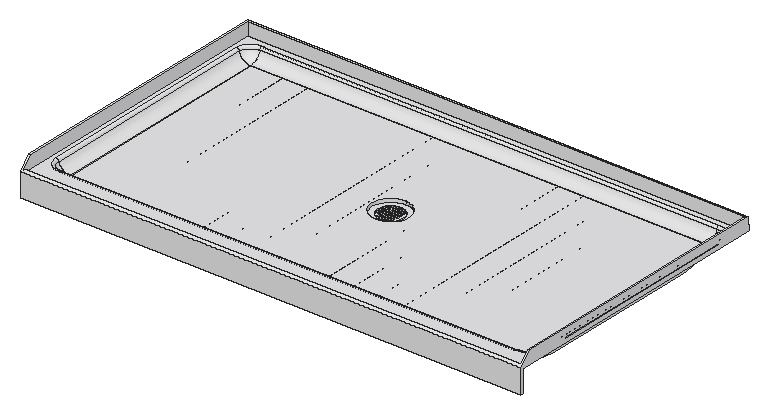
Revit family "Shower-Receptor-Sterling-Guard-72331100", category Plumbing Fixtures, host Face, Revit 2015
Parameters (values of type "0-White")
  Width = 34"  # constant formula
  Waste Connection = yes
  URL = "https://www.sterlingplumbing.com"
  Type = 1
  Product Page URL = "http://www.sterlingplumbing.com/detail?productNumber=72331100"
  Product Name = "GUARD+"  # constant formula
  Product Documentation Link = "https://resources.kohler.com/plumbing/sterling/pdf/72331100_spec.pdf"
  Pressure = 0.00 psi
  Outlet Connection = "Outlet Connection"  # constant formula
  Model = if(Type = 1, "72331100-0-White", if(Type = 2, "72331100-96-Biscuit", "0"))  # "72331100-0-White"
  Material = "Vikrell® material."  # constant formula
  MasterFormat 2004 = "22.41.23"  # constant formula
  MasterFormat 1995 = "15410"  # constant formula
  Manufacturer Address = "444 Highland Drive, Kohler, WI 53044"  # constant formula
  Manufacturer = "Sterling"  # constant formula
  Length = 60"  # constant formula
  Inlet Connection = "Inlet Connection"  # constant formula
  Height = 4 3/16"  # constant formula
  Flow Rate = 0 GPM
  Finish = China - Kohler - 0 - White
  Description = "GUARD+™60 inch Shower Base\r"  # constant formula
  Default Elevation = 0"
  Date Modified = "09/18/2017"  # constant formula
  Date Created = "08/30/2017"  # constant formula
  Copyright = "Copyright by Kohler Co."  # constant formula
  Contact Us = "https://www.sterlingplumbing.com/contact-us"
  Assembly Code = "C1030200"
  ADA Compliant = no
Reference planes (in)
  plane 1 "Center (Front/Back)": y = 0
  plane 2: z = 0
  plane 3 "Center (Left/Right)": x = 0
  plane 4: z = 4.1875
  plane 5: y = 17.87559
  plane 6: y = -16.12441
  plane 7: x = -30
  plane 8: x = 30
Dimensions and locks (in)
  "Height": plane 4 to plane 2
  "Width": plane 6 to plane 5
  "Length": plane 7 to plane 8
  aligned and locked: plane 2 to host face
  aligned and locked: level to host face
Automatic sketch dimensions
  host sketch curve to host sketch curve = 96"  (x2)
Nested families (in)
  nested 1: "K-72331100" at (0, 0.87772, 2.87982) x (0, 1, 0) z (0, 0, 1), type "K-72331100"
Connectors (in)
  piping at (0.0625, 1.75272, 0.84875), diameter 3.3125, driven by "Waste Connection", driven by "Outlet Connection"
    settings: on nested 1, index 1, connector inside diameter 24", connector length 0", flow factor 0, pipe flow 0 GPM, pressure drop 0.00 psi, fitting loss kfactor 0, connector angle 0.00°, fixture units 0, engagement length 0", angle of deflection 0.00°, flow configuration 0, flow direction 2, fitting loss method 0, system type 16, joint type 0, gender type 0, connector reference index -1, connector utility 1, adjustable connector no, is connector primary yes, connector description "Outlet Connection"
Definition of nested family "K-72331100"
  Parameters (values of type "K-72331100")
    Finish = none
  Reference planes (in)
    plane 1 "Center (Front/Back)": y = 0
    plane 2: z = 0
    plane 3 "Center (Left/Right)": x = 0
    plane 4 "A": z = -1.83027
    plane 5 "Top": z = -1.49242
    plane 6: z = -1.97528
    plane 7: y = 30
    plane 8: y = -30
    plane 9: x = 17
    plane 10: x = -17
    plane 11: z = -2.87982
  Forms (in)
    Sweep 1, solid, material <- "Finish"
      path origin (0.75, 0, -1.83027) x (0, 1, 0) y (-1, 0, 0)
        loop
          line (-28.7299, 13.46345) -> (-28.7299, -13.53905)
          arc (-28.7299, -13.53905) -> (-28.3139, -14.54336) -> (-27.30958, -14.95936) r 1.42031
          line (-27.30958, -14.95936) -> (27.44446, -14.95936)
          arc (27.44446, -14.95936) -> (28.44877, -14.54336) -> (28.86477, -13.53905) r 1.42031
          line (28.86477, -13.53905) -> (28.86477, 13.46345)
          arc (28.86477, 13.46345) -> (28.44877, 14.46776) -> (27.44446, 14.88376) r 1.42031
          line (27.44446, 14.88376) -> (-27.30958, 14.88376)
          arc (-27.30958, 14.88376) -> (-28.3139, 14.46776) -> (-28.7299, 13.46345) r 1.42031
      profile origin (0.7878, -28.7299, -1.83027) x (0, 1, 0) y (0, 0, 1)
        loop
          arc (0, 1.39102) -> (-0.11859, 1.56701) -> (-0.3186, 1.63795) r 0.33887
          line (-0.3186, 1.63795) -> (-0.3186, 1.55616)
          arc (-0.3186, 1.55616) -> (-0.169, 1.46986) -> (-0.08137, 1.32103) r 0.33887
          arc (-0.08137, 1.32103) -> (0.49432, 0.54576) -> (1.39824, 0.20607) r 1.70969
          line (1.39824, 0.20607) -> (1.39824, 0.33785)
          arc (1.39824, 0.33785) -> (0.52147, 0.62858) -> (0, 1.39102) r 1.44483
    SweptBlend 2, solid, material <- "Finish"
      path origin (0, 0, 0) x (0, 1, 0) y (0, 0, 1)
        loop
          line (0, -1.83027) -> (0, -1.49242)
      profile origin (0, 0, -1.83027) x (0, -1, 0) y (1, 0, 0)
        loop
          circle (0.0625, 0.875) r 2.25
      end profile origin (0, 0, -1.49242) x (0, -1, 0) y (1, 0, 0)
        loop
          line (-27.46653, -12.73552) -> (27.33166, -12.73552) -> (27.33166, 14.31112) -> (-27.46653, 14.31112) -> (-27.46653, -12.73552)
    Extrusion 3, solid, material <- "Finish"
      sketch origin (0.75, 0, -1.83027) x (0, 1, 0) y (-1, 0, 0)
        loop
          line (30, 17.75272) -> (-30, 17.75272) -> (-30, -16.25) -> (30, -16.25) -> (30, 17.75272)
        loop
          line (27.44446, 15.20236) -> (-27.30958, 15.20236)
          arc (-27.30958, 15.20236) -> (-28.53918, 14.69304) -> (-29.04849, 13.46345) r 1.73891
          line (-29.04849, 13.46345) -> (-29.04849, -13.53905)
          arc (-29.04849, -13.53905) -> (-28.53918, -14.76865) -> (-27.30958, -15.27796) r 1.73891
          line (-27.30958, -15.27796) -> (27.44446, -15.27796)
          arc (27.44446, -15.27796) -> (28.67406, -14.76865) -> (29.18337, -13.53905) r 1.73891
          line (29.18337, -13.53905) -> (29.18337, 13.46345)
          arc (29.18337, 13.46345) -> (28.67406, 14.69304) -> (27.44446, 15.20236) r 1.73891
      from 1.55616 to 1.63795
    Sweep 4, solid, material <- "Finish"
      path origin (0, 0, 0) x (1, 0, 0) y (0, 1, 0)
        loop
          line (-17.00272, 30) -> (17, 30) -> (17, -30) -> (-17.00272, -30)
      profile origin (-0.00136, 30, 0) x (0, 1, 0) y (0, 0, 1)
        loop
          line (0, -0.19232) -> (0, 1.30768) -> (-0.25, 1.30768) -> (-0.25, -0.19232) -> (0, -0.19232)
    Extrusion 5, void
      sketch origin (17, -30, 1.30768) x (1, 0, 0) y (0, 0, -1)
        loop
          line (-34.00272, 1.30768) -> (-34.00272, 0) -> (-32.69504, 0) -> (-34.00272, 1.30768)
      from 0 to 64.58196
    Extrusion 6, solid, material <- "Finish"
      sketch origin (0.25, 0, 0) x (1, 0, 0) y (0, 1, 0)
        loop
          line (-17.00272, 30) -> (-17.25272, 30) -> (-17.25272, -30) -> (-17.00272, -30) -> (-17.00272, 30)
      from -2.87982 to 0.24845
    Extrusion 7, void
      sketch origin (0, 0, -1.83027) x (0, 1, 0) y (-1, 0, 0)
        loop
          circle (-0.0625, -0.875) r 2.25
      from -2.95681 to 2.7011
    Extrusion 8, solid, material <- "Finish"
      sketch origin (0, 0, 0) x (1, 0, 0) y (0, 1, 0)
        loop
          circle (0.875, -0.0625) r 2.25
        loop
          circle (0.875, -0.0625) r 1.5
      from -2.03106 to -1.83027
    Extrusion 9, solid, material <- "Finish"
      sketch origin (0, 0, 0) x (1, 0, 0) y (0, 1, 0)
        loop
          circle (0.875, -0.0625) r 1.5
      from -2.14368 to -1.83027
    Extrusion 10, void
      sketch origin (0.24945, 0.52768, -1.83027) x (0, 1, 0) y (-1, 0, 0)
        loop
          line (0.66857, -0.2545) -> (0.66857, 0.0455)
          arc (0.66857, 0.0455) -> (0.65393, 0.08086) -> (0.61857, 0.0955) r 0.05
          line (0.61857, 0.0955) -> (0.31232, 0.0955)
          arc (0.31232, 0.0955) -> (0.27697, 0.08086) -> (0.26232, 0.0455) r 0.05
          line (0.26232, 0.0455) -> (0.26232, -0.2545)
          arc (0.26232, -0.2545) -> (0.27697, -0.28986) -> (0.31232, -0.3045) r 0.05
          line (0.31232, -0.3045) -> (0.61857, -0.3045)
          arc (0.61857, -0.3045) -> (0.65393, -0.28986) -> (0.66857, -0.2545) r 0.05
      from -0.77622 to 0.8761
    Extrusion 11, void
      sketch origin (0.77247, 0.52768, -1.83027) x (0, 1, 0) y (-1, 0, 0)
        loop
          line (0.66857, -0.2545) -> (0.66857, 0.0455)
          arc (0.66857, 0.0455) -> (0.65393, 0.08086) -> (0.61857, 0.0955) r 0.05
          line (0.61857, 0.0955) -> (0.31232, 0.0955)
          arc (0.31232, 0.0955) -> (0.27697, 0.08086) -> (0.26232, 0.0455) r 0.05
          line (0.26232, 0.0455) -> (0.26232, -0.2545)
          arc (0.26232, -0.2545) -> (0.27697, -0.28986) -> (0.31232, -0.3045) r 0.05
          line (0.31232, -0.3045) -> (0.61857, -0.3045)
          arc (0.61857, -0.3045) -> (0.65393, -0.28986) -> (0.66857, -0.2545) r 0.05
      from -0.77622 to 0.8761
    Extrusion 12, void
      sketch origin (1.30112, 0.53248, -1.83027) x (0, 1, 0) y (-1, 0, 0)
        loop
          line (0.66857, -0.2545) -> (0.66857, 0.0455)
          arc (0.66857, 0.0455) -> (0.65393, 0.08086) -> (0.61857, 0.0955) r 0.05
          line (0.61857, 0.0955) -> (0.31232, 0.0955)
          arc (0.31232, 0.0955) -> (0.27697, 0.08086) -> (0.26232, 0.0455) r 0.05
          line (0.26232, 0.0455) -> (0.26232, -0.2545)
          arc (0.26232, -0.2545) -> (0.27697, -0.28986) -> (0.31232, -0.3045) r 0.05
          line (0.31232, -0.3045) -> (0.61857, -0.3045)
          arc (0.61857, -0.3045) -> (0.65393, -0.28986) -> (0.66857, -0.2545) r 0.05
      from -0.77622 to 0.8761
    Extrusion 13, void
      sketch origin (-0.25055, 0.02632, -1.83027) x (0, 1, 0) y (-1, 0, 0)
        loop
          line (0.66857, -0.2545) -> (0.66857, 0.0455)
          arc (0.66857, 0.0455) -> (0.65393, 0.08086) -> (0.61857, 0.0955) r 0.05
          line (0.61857, 0.0955) -> (0.31232, 0.0955)
          arc (0.31232, 0.0955) -> (0.27697, 0.08086) -> (0.26232, 0.0455) r 0.05
          line (0.26232, 0.0455) -> (0.26232, -0.2545)
          arc (0.26232, -0.2545) -> (0.27697, -0.28986) -> (0.31232, -0.3045) r 0.05
          line (0.31232, -0.3045) -> (0.61857, -0.3045)
          arc (0.61857, -0.3045) -> (0.65393, -0.28986) -> (0.66857, -0.2545) r 0.05
      from -0.77622 to 0.8761
    Extrusion 14, void
      sketch origin (0.24945, 0.03111, -1.83027) x (0, 1, 0) y (-1, 0, 0)
        loop
          line (0.66857, -0.2545) -> (0.66857, 0.0455)
          arc (0.66857, 0.0455) -> (0.65393, 0.08086) -> (0.61857, 0.0955) r 0.05
          line (0.61857, 0.0955) -> (0.31232, 0.0955)
          arc (0.31232, 0.0955) -> (0.27697, 0.08086) -> (0.26232, 0.0455) r 0.05
          line (0.26232, 0.0455) -> (0.26232, -0.2545)
          arc (0.26232, -0.2545) -> (0.27697, -0.28986) -> (0.31232, -0.3045) r 0.05
          line (0.31232, -0.3045) -> (0.61857, -0.3045)
          arc (0.61857, -0.3045) -> (0.65393, -0.28986) -> (0.66857, -0.2545) r 0.05
      from -0.77622 to 0.8761
    Extrusion 15, void
      sketch origin (0.77247, 0.03111, -1.83027) x (0, 1, 0) y (-1, 0, 0)
        loop
          line (0.66857, -0.2545) -> (0.66857, 0.0455)
          arc (0.66857, 0.0455) -> (0.65393, 0.08086) -> (0.61857, 0.0955) r 0.05
          line (0.61857, 0.0955) -> (0.31232, 0.0955)
          arc (0.31232, 0.0955) -> (0.27697, 0.08086) -> (0.26232, 0.0455) r 0.05
          line (0.26232, 0.0455) -> (0.26232, -0.2545)
          arc (0.26232, -0.2545) -> (0.27697, -0.28986) -> (0.31232, -0.3045) r 0.05
          line (0.31232, -0.3045) -> (0.61857, -0.3045)
          arc (0.61857, -0.3045) -> (0.65393, -0.28986) -> (0.66857, -0.2545) r 0.05
      from -0.77622 to 0.8761
    Extrusion 16, void
      sketch origin (1.30112, 0.03591, -1.83027) x (0, 1, 0) y (-1, 0, 0)
        loop
          line (0.66857, -0.2545) -> (0.66857, 0.0455)
          arc (0.66857, 0.0455) -> (0.65393, 0.08086) -> (0.61857, 0.0955) r 0.05
          line (0.61857, 0.0955) -> (0.31232, 0.0955)
          arc (0.31232, 0.0955) -> (0.27697, 0.08086) -> (0.26232, 0.0455) r 0.05
          line (0.26232, 0.0455) -> (0.26232, -0.2545)
          arc (0.26232, -0.2545) -> (0.27697, -0.28986) -> (0.31232, -0.3045) r 0.05
          line (0.31232, -0.3045) -> (0.61857, -0.3045)
          arc (0.61857, -0.3045) -> (0.65393, -0.28986) -> (0.66857, -0.2545) r 0.05
      from -0.77622 to 0.8761
    Extrusion 17, void
      sketch origin (1.81221, 0.02632, -1.83027) x (0, 1, 0) y (-1, 0, 0)
        loop
          line (0.66857, -0.2545) -> (0.66857, 0.0455)
          arc (0.66857, 0.0455) -> (0.65393, 0.08086) -> (0.61857, 0.0955) r 0.05
          line (0.61857, 0.0955) -> (0.31232, 0.0955)
          arc (0.31232, 0.0955) -> (0.27697, 0.08086) -> (0.26232, 0.0455) r 0.05
          line (0.26232, 0.0455) -> (0.26232, -0.2545)
          arc (0.26232, -0.2545) -> (0.27697, -0.28986) -> (0.31232, -0.3045) r 0.05
          line (0.31232, -0.3045) -> (0.61857, -0.3045)
          arc (0.61857, -0.3045) -> (0.65393, -0.28986) -> (0.66857, -0.2545) r 0.05
      from -0.77622 to 0.8761
    Extrusion 18, void
      sketch origin (-0.47122, -0.47012, -1.83027) x (0, 1, 0) y (-1, 0, 0)
        loop
          line (0.66857, -0.2545) -> (0.66857, 0.0455)
          arc (0.66857, 0.0455) -> (0.65393, 0.08086) -> (0.61857, 0.0955) r 0.05
          line (0.61857, 0.0955) -> (0.31232, 0.0955)
          arc (0.31232, 0.0955) -> (0.27697, 0.08086) -> (0.26232, 0.0455) r 0.05
          line (0.26232, 0.0455) -> (0.26232, -0.2545)
          arc (0.26232, -0.2545) -> (0.27697, -0.28986) -> (0.31232, -0.3045) r 0.05
          line (0.31232, -0.3045) -> (0.61857, -0.3045)
          arc (0.61857, -0.3045) -> (0.65393, -0.28986) -> (0.66857, -0.2545) r 0.05
      from -0.77622 to 0.8761
    Extrusion 19, void
      sketch origin (0.02878, -0.46532, -1.83027) x (0, 1, 0) y (-1, 0, 0)
        loop
          line (0.66857, -0.2545) -> (0.66857, 0.0455)
          arc (0.66857, 0.0455) -> (0.65393, 0.08086) -> (0.61857, 0.0955) r 0.05
          line (0.61857, 0.0955) -> (0.31232, 0.0955)
          arc (0.31232, 0.0955) -> (0.27697, 0.08086) -> (0.26232, 0.0455) r 0.05
          line (0.26232, 0.0455) -> (0.26232, -0.2545)
          arc (0.26232, -0.2545) -> (0.27697, -0.28986) -> (0.31232, -0.3045) r 0.05
          line (0.31232, -0.3045) -> (0.61857, -0.3045)
          arc (0.61857, -0.3045) -> (0.65393, -0.28986) -> (0.66857, -0.2545) r 0.05
      from -0.77622 to 0.8761
    Extrusion 20, void
      sketch origin (0.52893, -0.46741, -1.83027) x (0, 1, 0) y (-1, 0, 0)
        loop
          line (0.66857, -0.2545) -> (0.66857, 0.0455)
          arc (0.66857, 0.0455) -> (0.65393, 0.08086) -> (0.61857, 0.0955) r 0.05
          line (0.61857, 0.0955) -> (0.31232, 0.0955)
          arc (0.31232, 0.0955) -> (0.27697, 0.08086) -> (0.26232, 0.0455) r 0.05
          line (0.26232, 0.0455) -> (0.26232, -0.2545)
          arc (0.26232, -0.2545) -> (0.27697, -0.28986) -> (0.31232, -0.3045) r 0.05
          line (0.31232, -0.3045) -> (0.61857, -0.3045)
          arc (0.61857, -0.3045) -> (0.65393, -0.28986) -> (0.66857, -0.2545) r 0.05
      from -0.77622 to 0.8761
    Extrusion 21, void
      sketch origin (1.05196, -0.46741, -1.83027) x (0, 1, 0) y (-1, 0, 0)
        loop
          line (0.66857, -0.2545) -> (0.66857, 0.0455)
          arc (0.66857, 0.0455) -> (0.65393, 0.08086) -> (0.61857, 0.0955) r 0.05
          line (0.61857, 0.0955) -> (0.31232, 0.0955)
          arc (0.31232, 0.0955) -> (0.27697, 0.08086) -> (0.26232, 0.0455) r 0.05
          line (0.26232, 0.0455) -> (0.26232, -0.2545)
          arc (0.26232, -0.2545) -> (0.27697, -0.28986) -> (0.31232, -0.3045) r 0.05
          line (0.31232, -0.3045) -> (0.61857, -0.3045)
          arc (0.61857, -0.3045) -> (0.65393, -0.28986) -> (0.66857, -0.2545) r 0.05
      from -0.77622 to 0.8761
    Extrusion 22, void
      sketch origin (1.53373, -0.46261, -1.83027) x (0, 1, 0) y (-1, 0, 0)
        loop
          line (0.66857, -0.2545) -> (0.66857, 0.0455)
          arc (0.66857, 0.0455) -> (0.65393, 0.08086) -> (0.61857, 0.0955) r 0.05
          line (0.61857, 0.0955) -> (0.31232, 0.0955)
          arc (0.31232, 0.0955) -> (0.27697, 0.08086) -> (0.26232, 0.0455) r 0.05
          line (0.26232, 0.0455) -> (0.26232, -0.2545)
          arc (0.26232, -0.2545) -> (0.27697, -0.28986) -> (0.31232, -0.3045) r 0.05
          line (0.31232, -0.3045) -> (0.61857, -0.3045)
          arc (0.61857, -0.3045) -> (0.65393, -0.28986) -> (0.66857, -0.2545) r 0.05
      from -0.77622 to 0.8761
    Extrusion 23, void
      sketch origin (2.03329, -0.46075, -1.83027) x (0, 1, 0) y (-1, 0, 0)
        loop
          line (0.66857, -0.2545) -> (0.66857, 0.0455)
          arc (0.66857, 0.0455) -> (0.65393, 0.08086) -> (0.61857, 0.0955) r 0.05
          line (0.61857, 0.0955) -> (0.31232, 0.0955)
          arc (0.31232, 0.0955) -> (0.27697, 0.08086) -> (0.26232, 0.0455) r 0.05
          line (0.26232, 0.0455) -> (0.26232, -0.2545)
          arc (0.26232, -0.2545) -> (0.27697, -0.28986) -> (0.31232, -0.3045) r 0.05
          line (0.31232, -0.3045) -> (0.61857, -0.3045)
          arc (0.61857, -0.3045) -> (0.65393, -0.28986) -> (0.66857, -0.2545) r 0.05
      from -0.77622 to 0.8761
    Extrusion 24, void
      sketch origin (-0.25055, -0.98574, -1.83027) x (0, 1, 0) y (-1, 0, 0)
        loop
          line (0.66857, -0.2545) -> (0.66857, 0.0455)
          arc (0.66857, 0.0455) -> (0.65393, 0.08086) -> (0.61857, 0.0955) r 0.05
          line (0.61857, 0.0955) -> (0.31232, 0.0955)
          arc (0.31232, 0.0955) -> (0.27697, 0.08086) -> (0.26232, 0.0455) r 0.05
          line (0.26232, 0.0455) -> (0.26232, -0.2545)
          arc (0.26232, -0.2545) -> (0.27697, -0.28986) -> (0.31232, -0.3045) r 0.05
          line (0.31232, -0.3045) -> (0.61857, -0.3045)
          arc (0.61857, -0.3045) -> (0.65393, -0.28986) -> (0.66857, -0.2545) r 0.05
      from -0.77622 to 0.8761
    Extrusion 25, void
      sketch origin (0.24945, -0.98094, -1.83027) x (0, 1, 0) y (-1, 0, 0)
        loop
          line (0.66857, -0.2545) -> (0.66857, 0.0455)
          arc (0.66857, 0.0455) -> (0.65393, 0.08086) -> (0.61857, 0.0955) r 0.05
          line (0.61857, 0.0955) -> (0.31232, 0.0955)
          arc (0.31232, 0.0955) -> (0.27697, 0.08086) -> (0.26232, 0.0455) r 0.05
          line (0.26232, 0.0455) -> (0.26232, -0.2545)
          arc (0.26232, -0.2545) -> (0.27697, -0.28986) -> (0.31232, -0.3045) r 0.05
          line (0.31232, -0.3045) -> (0.61857, -0.3045)
          arc (0.61857, -0.3045) -> (0.65393, -0.28986) -> (0.66857, -0.2545) r 0.05
      from -0.77622 to 0.8761
    Extrusion 26, void
      sketch origin (0.77247, -0.98094, -1.83027) x (0, 1, 0) y (-1, 0, 0)
        loop
          line (0.66857, -0.2545) -> (0.66857, 0.0455)
          arc (0.66857, 0.0455) -> (0.65393, 0.08086) -> (0.61857, 0.0955) r 0.05
          line (0.61857, 0.0955) -> (0.31232, 0.0955)
          arc (0.31232, 0.0955) -> (0.27697, 0.08086) -> (0.26232, 0.0455) r 0.05
          line (0.26232, 0.0455) -> (0.26232, -0.2545)
          arc (0.26232, -0.2545) -> (0.27697, -0.28986) -> (0.31232, -0.3045) r 0.05
          line (0.31232, -0.3045) -> (0.61857, -0.3045)
          arc (0.61857, -0.3045) -> (0.65393, -0.28986) -> (0.66857, -0.2545) r 0.05
      from -0.77622 to 0.8761
    Extrusion 27, void
      sketch origin (1.30112, -0.97614, -1.83027) x (0, 1, 0) y (-1, 0, 0)
        loop
          line (0.66857, -0.2545) -> (0.66857, 0.0455)
          arc (0.66857, 0.0455) -> (0.65393, 0.08086) -> (0.61857, 0.0955) r 0.05
          line (0.61857, 0.0955) -> (0.31232, 0.0955)
          arc (0.31232, 0.0955) -> (0.27697, 0.08086) -> (0.26232, 0.0455) r 0.05
          line (0.26232, 0.0455) -> (0.26232, -0.2545)
          arc (0.26232, -0.2545) -> (0.27697, -0.28986) -> (0.31232, -0.3045) r 0.05
          line (0.31232, -0.3045) -> (0.61857, -0.3045)
          arc (0.61857, -0.3045) -> (0.65393, -0.28986) -> (0.66857, -0.2545) r 0.05
      from -0.77622 to 0.8761
    Extrusion 28, void
      sketch origin (1.81221, -0.98574, -1.83027) x (0, 1, 0) y (-1, 0, 0)
        loop
          line (0.66857, -0.2545) -> (0.66857, 0.0455)
          arc (0.66857, 0.0455) -> (0.65393, 0.08086) -> (0.61857, 0.0955) r 0.05
          line (0.61857, 0.0955) -> (0.31232, 0.0955)
          arc (0.31232, 0.0955) -> (0.27697, 0.08086) -> (0.26232, 0.0455) r 0.05
          line (0.26232, 0.0455) -> (0.26232, -0.2545)
          arc (0.26232, -0.2545) -> (0.27697, -0.28986) -> (0.31232, -0.3045) r 0.05
          line (0.31232, -0.3045) -> (0.61857, -0.3045)
          arc (0.61857, -0.3045) -> (0.65393, -0.28986) -> (0.66857, -0.2545) r 0.05
      from -0.77622 to 0.8761
    Extrusion 29, void
      sketch origin (0.01598, -1.45043, -1.83027) x (0, 1, 0) y (-1, 0, 0)
        loop
          line (0.66857, -0.2545) -> (0.66857, 0.0455)
          arc (0.66857, 0.0455) -> (0.65393, 0.08086) -> (0.61857, 0.0955) r 0.05
          line (0.61857, 0.0955) -> (0.31232, 0.0955)
          arc (0.31232, 0.0955) -> (0.27697, 0.08086) -> (0.26232, 0.0455) r 0.05
          line (0.26232, 0.0455) -> (0.26232, -0.2545)
          arc (0.26232, -0.2545) -> (0.27697, -0.28986) -> (0.31232, -0.3045) r 0.05
          line (0.31232, -0.3045) -> (0.61857, -0.3045)
          arc (0.61857, -0.3045) -> (0.65393, -0.28986) -> (0.66857, -0.2545) r 0.05
      from -0.77622 to 0.8761
    Extrusion 30, void
      sketch origin (0.56449, -1.45043, -1.83027) x (0, 1, 0) y (-1, 0, 0)
        loop
          line (0.66857, -0.2545) -> (0.66857, 0.0455)
          arc (0.66857, 0.0455) -> (0.65393, 0.08086) -> (0.61857, 0.0955) r 0.05
          line (0.61857, 0.0955) -> (0.31232, 0.0955)
          arc (0.31232, 0.0955) -> (0.27697, 0.08086) -> (0.26232, 0.0455) r 0.05
          line (0.26232, 0.0455) -> (0.26232, -0.2545)
          arc (0.26232, -0.2545) -> (0.27697, -0.28986) -> (0.31232, -0.3045) r 0.05
          line (0.31232, -0.3045) -> (0.61857, -0.3045)
          arc (0.61857, -0.3045) -> (0.65393, -0.28986) -> (0.66857, -0.2545) r 0.05
      from -0.77622 to 0.8761
    Extrusion 31, void
      sketch origin (1.55342, -1.45054, -1.83027) x (0, 1, 0) y (-1, 0, 0)
        loop
          line (0.66857, -0.2545) -> (0.66857, 0.0455)
          arc (0.66857, 0.0455) -> (0.65393, 0.08086) -> (0.61857, 0.0955) r 0.05
          line (0.61857, 0.0955) -> (0.31232, 0.0955)
          arc (0.31232, 0.0955) -> (0.27697, 0.08086) -> (0.26232, 0.0455) r 0.05
          line (0.26232, 0.0455) -> (0.26232, -0.2545)
          arc (0.26232, -0.2545) -> (0.27697, -0.28986) -> (0.31232, -0.3045) r 0.05
          line (0.31232, -0.3045) -> (0.61857, -0.3045)
          arc (0.61857, -0.3045) -> (0.65393, -0.28986) -> (0.66857, -0.2545) r 0.05
      from -0.77622 to 0.8761
    Extrusion 32, void
      sketch origin (1.06535, -1.46236, -1.83027) x (0, 1, 0) y (-1, 0, 0)
        loop
          line (0.66857, -0.2545) -> (0.66857, 0.0455)
          arc (0.66857, 0.0455) -> (0.65393, 0.08086) -> (0.61857, 0.0955) r 0.05
          line (0.61857, 0.0955) -> (0.31232, 0.0955)
          arc (0.31232, 0.0955) -> (0.27697, 0.08086) -> (0.26232, 0.0455) r 0.05
          line (0.26232, 0.0455) -> (0.26232, -0.2545)
          arc (0.26232, -0.2545) -> (0.27697, -0.28986) -> (0.31232, -0.3045) r 0.05
          line (0.31232, -0.3045) -> (0.61857, -0.3045)
          arc (0.61857, -0.3045) -> (0.65393, -0.28986) -> (0.66857, -0.2545) r 0.05
      from -0.77622 to 0.8761
    Extrusion 33, solid, material <- "Finish"
      sketch origin (0, 0, 0) x (1, 0, 0) y (0, 0, 1)
        loop
          arc (-12.75873, -1.6242) -> (-10.92856, -2.53924) -> (-8.91092, -2.87982) r 6.92868
          line (-8.91092, -2.87982) -> (10.43283, -2.87982)
          arc (10.43283, -2.87982) -> (12.45046, -2.53924) -> (14.28063, -1.6242) r 6.92868
          line (14.28063, -1.6242) -> (0.56681, -1.6242) -> (-12.75873, -1.6242)
      from -26.91057 to -26.65131
    Extrusion 34, solid, material <- "Finish"
      sketch origin (0, -3, 0) x (1, 0, 0) y (0, 0, 1)
        loop
          arc (-12.75873, -1.6242) -> (-10.92856, -2.53924) -> (-8.91092, -2.87982) r 6.92868
          line (-8.91092, -2.87982) -> (10.43283, -2.87982)
          arc (10.43283, -2.87982) -> (12.45046, -2.53924) -> (14.28063, -1.6242) r 6.92868
          line (14.28063, -1.6242) -> (0.56681, -1.6242) -> (-12.75873, -1.6242)
      from -26.91057 to -26.65131
    Extrusion 35, solid, material <- "Finish"
      sketch origin (0, -6, 0) x (1, 0, 0) y (0, 0, 1)
        loop
          arc (-12.75873, -1.6242) -> (-10.92856, -2.53924) -> (-8.91092, -2.87982) r 6.92868
          line (-8.91092, -2.87982) -> (10.43283, -2.87982)
          arc (10.43283, -2.87982) -> (12.45046, -2.53924) -> (14.28063, -1.6242) r 6.92868
          line (14.28063, -1.6242) -> (0.56681, -1.6242) -> (-12.75873, -1.6242)
      from -26.91057 to -26.65131
    Extrusion 36, solid, material <- "Finish"
      sketch origin (0, -9, 0) x (1, 0, 0) y (0, 0, 1)
        loop
          arc (-12.75873, -1.6242) -> (-10.92856, -2.53924) -> (-8.91092, -2.87982) r 6.92868
          line (-8.91092, -2.87982) -> (10.43283, -2.87982)
          arc (10.43283, -2.87982) -> (12.45046, -2.53924) -> (14.28063, -1.6242) r 6.92868
          line (14.28063, -1.6242) -> (0.56681, -1.6242) -> (-12.75873, -1.6242)
      from -26.91057 to -26.65131
    Extrusion 37, solid, material <- "Finish"
      sketch origin (0, -12, 0) x (1, 0, 0) y (0, 0, 1)
        loop
          arc (-12.75873, -1.6242) -> (-10.92856, -2.53924) -> (-8.91092, -2.87982) r 6.92868
          line (-8.91092, -2.87982) -> (10.43283, -2.87982)
          arc (10.43283, -2.87982) -> (12.45046, -2.53924) -> (14.28063, -1.6242) r 6.92868
          line (14.28063, -1.6242) -> (0.56681, -1.6242) -> (-12.75873, -1.6242)
      from -26.91057 to -26.65131
    Extrusion 38, solid, material <- "Finish"
      sketch origin (0, -15, 0) x (1, 0, 0) y (0, 0, 1)
        loop
          arc (-12.75873, -1.6242) -> (-10.92856, -2.53924) -> (-8.91092, -2.87982) r 6.92868
          line (-8.91092, -2.87982) -> (10.43283, -2.87982)
          arc (10.43283, -2.87982) -> (12.45046, -2.53924) -> (14.28063, -1.6242) r 6.92868
          line (14.28063, -1.6242) -> (0.56681, -1.6242) -> (-12.75873, -1.6242)
      from -26.91057 to -26.65131
    Extrusion 39, solid, material <- "Finish"
      sketch origin (0, -18, 0) x (1, 0, 0) y (0, 0, 1)
        loop
          arc (-12.75873, -1.6242) -> (-10.92856, -2.53924) -> (-8.91092, -2.87982) r 6.92868
          line (-8.91092, -2.87982) -> (10.43283, -2.87982)
          arc (10.43283, -2.87982) -> (12.45046, -2.53924) -> (14.28063, -1.6242) r 6.92868
          line (14.28063, -1.6242) -> (0.56681, -1.6242) -> (-12.75873, -1.6242)
      from -26.91057 to -26.65131
    Extrusion 40, solid, material <- "Finish"
      sketch origin (0, -21, 0) x (1, 0, 0) y (0, 0, 1)
        loop
          arc (-12.75873, -1.6242) -> (-10.92856, -2.53924) -> (-8.91092, -2.87982) r 6.92868
          line (-8.91092, -2.87982) -> (10.43283, -2.87982)
          arc (10.43283, -2.87982) -> (12.45046, -2.53924) -> (14.28063, -1.6242) r 6.92868
          line (14.28063, -1.6242) -> (0.56681, -1.6242) -> (-12.75873, -1.6242)
      from -26.91057 to -26.65131
    Extrusion 41, solid, material <- "Finish"
      sketch origin (0, -24, 0) x (1, 0, 0) y (0, 0, 1)
        loop
          arc (-12.75873, -1.6242) -> (-10.92856, -2.53924) -> (-8.91092, -2.87982) r 6.92868
          line (-8.91092, -2.87982) -> (10.43283, -2.87982)
          arc (10.43283, -2.87982) -> (12.45046, -2.53924) -> (14.28063, -1.6242) r 6.92868
          line (14.28063, -1.6242) -> (0.56681, -1.6242) -> (-12.75873, -1.6242)
      from -26.91057 to -26.65131
    Extrusion 42, solid, material <- "Finish"
      sketch origin (0, -27, 0) x (1, 0, 0) y (0, 0, 1)
        loop
          arc (-11.88953, -2.14368) -> (-10.44149, -2.67869) -> (-8.91092, -2.87982) r 6.92868
          line (-8.91092, -2.87982) -> (10.43283, -2.87982)
          arc (10.43283, -2.87982) -> (11.96339, -2.67869) -> (13.41143, -2.14368) r 6.92868
          line (13.41143, -2.14368) -> (0.56681, -2.14368) -> (-11.88953, -2.14368)
      from -26.91057 to -26.65131
    Extrusion 43, solid, material <- "Finish"
      sketch origin (0, -30, 0) x (1, 0, 0) y (0, 0, 1)
        loop
          arc (-12.75873, -1.6242) -> (-10.92856, -2.53924) -> (-8.91092, -2.87982) r 6.92868
          line (-8.91092, -2.87982) -> (10.43283, -2.87982)
          arc (10.43283, -2.87982) -> (12.45046, -2.53924) -> (14.28063, -1.6242) r 6.92868
          line (14.28063, -1.6242) -> (0.56681, -1.6242) -> (-12.75873, -1.6242)
      from -26.91057 to -26.65131
    Extrusion 44, solid, material <- "Finish"
      sketch origin (0, -33, 0) x (1, 0, 0) y (0, 0, 1)
        loop
          arc (-12.75873, -1.6242) -> (-10.92856, -2.53924) -> (-8.91092, -2.87982) r 6.92868
          line (-8.91092, -2.87982) -> (10.43283, -2.87982)
          arc (10.43283, -2.87982) -> (12.45046, -2.53924) -> (14.28063, -1.6242) r 6.92868
          line (14.28063, -1.6242) -> (0.56681, -1.6242) -> (-12.75873, -1.6242)
      from -26.91057 to -26.65131
    Extrusion 45, solid, material <- "Finish"
      sketch origin (0, -36, 0) x (1, 0, 0) y (0, 0, 1)
        loop
          arc (-12.75873, -1.6242) -> (-10.92856, -2.53924) -> (-8.91092, -2.87982) r 6.92868
          line (-8.91092, -2.87982) -> (10.43283, -2.87982)
          arc (10.43283, -2.87982) -> (12.45046, -2.53924) -> (14.28063, -1.6242) r 6.92868
          line (14.28063, -1.6242) -> (0.56681, -1.6242) -> (-12.75873, -1.6242)
      from -26.91057 to -26.65131
    Extrusion 46, solid, material <- "Finish"
      sketch origin (0, -39, 0) x (1, 0, 0) y (0, 0, 1)
        loop
          arc (-12.75873, -1.6242) -> (-10.92856, -2.53924) -> (-8.91092, -2.87982) r 6.92868
          line (-8.91092, -2.87982) -> (10.43283, -2.87982)
          arc (10.43283, -2.87982) -> (12.45046, -2.53924) -> (14.28063, -1.6242) r 6.92868
          line (14.28063, -1.6242) -> (0.56681, -1.6242) -> (-12.75873, -1.6242)
      from -26.91057 to -26.65131
    Extrusion 47, solid, material <- "Finish"
      sketch origin (0, -42, 0) x (1, 0, 0) y (0, 0, 1)
        loop
          arc (-12.75873, -1.6242) -> (-10.92856, -2.53924) -> (-8.91092, -2.87982) r 6.92868
          line (-8.91092, -2.87982) -> (10.43283, -2.87982)
          arc (10.43283, -2.87982) -> (12.45046, -2.53924) -> (14.28063, -1.6242) r 6.92868
          line (14.28063, -1.6242) -> (0.56681, -1.6242) -> (-12.75873, -1.6242)
      from -26.91057 to -26.65131
    Extrusion 48, solid, material <- "Finish"
      sketch origin (0, -45, 0) x (1, 0, 0) y (0, 0, 1)
        loop
          arc (-12.75873, -1.6242) -> (-10.92856, -2.53924) -> (-8.91092, -2.87982) r 6.92868
          line (-8.91092, -2.87982) -> (10.43283, -2.87982)
          arc (10.43283, -2.87982) -> (12.45046, -2.53924) -> (14.28063, -1.6242) r 6.92868
          line (14.28063, -1.6242) -> (0.56681, -1.6242) -> (-12.75873, -1.6242)
      from -26.91057 to -26.65131
    Extrusion 49, solid, material <- "Finish"
      sketch origin (0, -48, 0) x (1, 0, 0) y (0, 0, 1)
        loop
          arc (-12.75873, -1.6242) -> (-10.92856, -2.53924) -> (-8.91092, -2.87982) r 6.92868
          line (-8.91092, -2.87982) -> (10.43283, -2.87982)
          arc (10.43283, -2.87982) -> (12.45046, -2.53924) -> (14.28063, -1.6242) r 6.92868
          line (14.28063, -1.6242) -> (0.56681, -1.6242) -> (-12.75873, -1.6242)
      from -26.91057 to -26.65131
    Extrusion 50, solid, material <- "Finish"
      sketch origin (0, -51, 0) x (1, 0, 0) y (0, 0, 1)
        loop
          arc (-12.75873, -1.6242) -> (-10.92856, -2.53924) -> (-8.91092, -2.87982) r 6.92868
          line (-8.91092, -2.87982) -> (10.43283, -2.87982)
          arc (10.43283, -2.87982) -> (12.45046, -2.53924) -> (14.28063, -1.6242) r 6.92868
          line (14.28063, -1.6242) -> (0.56681, -1.6242) -> (-12.75873, -1.6242)
      from -26.91057 to -26.65131
    Extrusion 51, solid, material <- "Finish"
      sketch origin (0, -54, 0) x (1, 0, 0) y (0, 0, 1)
        loop
          arc (-12.75873, -1.6242) -> (-10.92856, -2.53924) -> (-8.91092, -2.87982) r 6.92868
          line (-8.91092, -2.87982) -> (10.43283, -2.87982)
          arc (10.43283, -2.87982) -> (12.45046, -2.53924) -> (14.28063, -1.6242) r 6.92868
          line (14.28063, -1.6242) -> (0.56681, -1.6242) -> (-12.75873, -1.6242)
      from -26.91057 to -26.65131
    Extrusion 52, solid, material <- "Finish"
      sketch origin (15.65131, 2.13872, 0) x (0, 1, 0) y (0, 0, 1)
        loop
          arc (-29.47748, -1.6242) -> (-27.64731, -2.53924) -> (-25.62967, -2.87982) r 6.92868
          line (-25.62967, -2.87982) -> (20.83294, -2.87982)
          arc (20.83294, -2.87982) -> (22.85057, -2.53924) -> (24.68074, -1.6242) r 6.92868
          line (24.68074, -1.6242) -> (0.56681, -1.6242) -> (-29.47748, -1.6242)
      from -26.91057 to -26.65131
    Extrusion 53, solid, material <- "Finish"
      sketch origin (19.65131, 2.13872, 0) x (0, 1, 0) y (0, 0, 1)
        loop
          arc (-29.47748, -1.6242) -> (-27.64731, -2.53924) -> (-25.62967, -2.87982) r 6.92868
          line (-25.62967, -2.87982) -> (20.83294, -2.87982)
          arc (20.83294, -2.87982) -> (22.85057, -2.53924) -> (24.68074, -1.6242) r 6.92868
          line (24.68074, -1.6242) -> (0.56681, -1.6242) -> (-29.47748, -1.6242)
      from -26.91057 to -26.65131
    Extrusion 54, solid, material <- "Finish"
      sketch origin (23.65131, 2.13872, 0) x (0, 1, 0) y (0, 0, 1)
        loop
          arc (-29.47748, -1.6242) -> (-27.64731, -2.53924) -> (-25.62967, -2.87982) r 6.92868
          line (-25.62967, -2.87982) -> (20.83294, -2.87982)
          arc (20.83294, -2.87982) -> (22.85057, -2.53924) -> (24.68074, -1.6242) r 6.92868
          line (24.68074, -1.6242) -> (0.56681, -1.6242) -> (-29.47748, -1.6242)
      from -26.91057 to -26.65131
    Extrusion 55, solid, material <- "Finish"
      sketch origin (27.65131, 2.13872, 0) x (0, 1, 0) y (0, 0, 1)
        loop
          arc (-28.60828, -2.14368) -> (-27.16024, -2.67869) -> (-25.62967, -2.87982) r 6.92868
          line (-25.62967, -2.87982) -> (20.83294, -2.87982)
          arc (20.83294, -2.87982) -> (22.3635, -2.67869) -> (23.81154, -2.14368) r 6.92868
          line (23.81154, -2.14368) -> (0.56681, -2.14368) -> (-28.60828, -2.14368)
      from -26.91057 to -26.65131
    Extrusion 56, solid, material <- "Finish"
      sketch origin (31.65131, 2.13872, 0) x (0, 1, 0) y (0, 0, 1)
        loop
          arc (-29.47748, -1.6242) -> (-27.64731, -2.53924) -> (-25.62967, -2.87982) r 6.92868
          line (-25.62967, -2.87982) -> (20.83294, -2.87982)
          arc (20.83294, -2.87982) -> (22.85057, -2.53924) -> (24.68074, -1.6242) r 6.92868
          line (24.68074, -1.6242) -> (0.56681, -1.6242) -> (-29.47748, -1.6242)
      from -26.91057 to -26.65131
    Extrusion 57, solid, material <- "Finish"
      sketch origin (35.65131, 2.13872, 0) x (0, 1, 0) y (0, 0, 1)
        loop
          arc (-29.47748, -1.6242) -> (-27.64731, -2.53924) -> (-25.62967, -2.87982) r 6.92868
          line (-25.62967, -2.87982) -> (20.83294, -2.87982)
          arc (20.83294, -2.87982) -> (22.85057, -2.53924) -> (24.68074, -1.6242) r 6.92868
          line (24.68074, -1.6242) -> (0.56681, -1.6242) -> (-29.47748, -1.6242)
      from -26.91057 to -26.65131
    Extrusion 58, solid, material <- "Finish"
      sketch origin (39.65131, 2.13872, 0) x (0, 1, 0) y (0, 0, 1)
        loop
          arc (-29.47748, -1.6242) -> (-27.64731, -2.53924) -> (-25.62967, -2.87982) r 6.92868
          line (-25.62967, -2.87982) -> (20.83294, -2.87982)
          arc (20.83294, -2.87982) -> (22.85057, -2.53924) -> (24.68074, -1.6242) r 6.92868
          line (24.68074, -1.6242) -> (0.56681, -1.6242) -> (-29.47748, -1.6242)
      from -26.91057 to -26.65131
    Extrusion 59, void
      sketch origin (0, 0, 0) x (1, 0, 0) y (0, 1, 0)
        loop
          line (-3, -3.08943) -> (4.74073, -3.08943) -> (4.74073, 2.65131) -> (-3, 2.65131) -> (-3, -3.08943)
      from -2.87982 to -2.03106
  Cuts and joins
    Extrusion 5 cuts Sweep 4
    Extrusion 5 cuts Extrusion 6
    joined: Sweep 1, Extrusion 3, Sweep 4, Extrusion 6
    Extrusion 7 cuts SweptBlend 2
    Extrusion 10, Extrusion 11, Extrusion 12, Extrusion 13, Extrusion 14, Extrusion 15, Extrusion 16, Extrusion 17, Extrusion 18, Extrusion 19, Extrusion 20, Extrusion 21, Extrusion 22, Extrusion 23, Extrusion 24, Extrusion 25, Extrusion 26, Extrusion 27, Extrusion 28, Extrusion 29, Extrusion 30, Extrusion 31, Extrusion 32 cuts Extrusion 9
    Extrusion 59 cuts Extrusion 42
    Extrusion 59 cuts Extrusion 55
  Lines and regions (in)
    Masking region 1
      outline origin (0, 0, -1.83027) x (0, 1, 0) y (-1, 0, 0)
        loop
          line (30, 17) -> (-30, 17) -> (-30, -17) -> (30, -17) -> (30, 17)
    Masking region 2
      outline origin (0, 0, 0) x (1, 0, 0) y (0, 0, 1)
        loop
          line (-17.00272, 0) -> (-17.00272, -2.87982) -> (-16.75272, -2.87982) -> (-16.75272, -0.2741) -> (-14.44715, -0.2741)
          arc (-14.44715, -0.2741) -> (-14.30501, -0.36432) -> (-14.21666, -0.50763) r 0.375
          arc (-14.21666, -0.50763) -> (-13.65594, -1.28072) -> (-12.76352, -1.62083) r 1.67222
          arc (-12.76352, -1.62083) -> (-12.03612, -2.06783) -> (-11.25927, -2.42197) r 6.92868
          line (-11.25927, -2.42197) -> (-11.25927, -2.87982) -> (-11, -2.87982) -> (-11, -2.51549)
          arc (-11, -2.51549) -> (-9.96948, -2.77805) -> (-8.91092, -2.87982) r 6.92868
          line (-8.91092, -2.87982) -> (10.43283, -2.87982)
          arc (10.43283, -2.87982) -> (11.60568, -2.75713) -> (12.74073, -2.43733) r 6.92868
          line (12.74073, -2.43733) -> (12.74073, -2.87982) -> (13, -2.87982) -> (13, -2.33378)
          arc (13, -2.33378) -> (13.65789, -2.01359) -> (14.27834, -1.6258) r 6.92868
          arc (14.27834, -1.6258) -> (15.20629, -1.30016) -> (15.79073, -0.50923) r 1.67222
          arc (15.79073, -0.50923) -> (15.88081, -0.36418) -> (16.02586, -0.2741) r 0.375
          line (16.02586, -0.2741) -> (17, -0.2741) -> (17, 1.30768) -> (-15.69504, 1.30768) -> (-17.00272, 0)
    Masking region 3
      outline origin (0, 0, 0) x (0, 1, 0) y (0, 0, 1)
        loop
          line (-30, 1.30768) -> (-30, -0.2741) -> (-29.04065, -0.2741)
          arc (-29.04065, -0.2741) -> (-28.89676, -0.36534) -> (-28.80552, -0.50923) r 0.38988
          arc (-28.80552, -0.50923) -> (-28.24123, -1.28065) -> (-27.34869, -1.62255) r 1.68984
          line (-27.34869, -1.62255) -> (-27.34869, -2.87982) -> (-27.08943, -2.87982) -> (-27.08943, -1.7912)
          arc (-27.08943, -1.7912) -> (-25.36544, -2.58424) -> (-23.49095, -2.87982) r 6.92868
          line (-23.49095, -2.87982) -> (22.97166, -2.87982)
          arc (22.97166, -2.87982) -> (24.8924, -2.57007) -> (26.65131, -1.73854) r 6.92868
          line (26.65131, -1.73854) -> (26.65131, -2.87982) -> (26.91057, -2.87982) -> (26.91057, -1.6242) -> (27.46653, -1.6242)
          arc (27.46653, -1.6242) -> (28.37275, -1.28756) -> (28.94614, -0.50923) r 1.68984
          arc (28.94614, -0.50923) -> (29.03738, -0.36534) -> (29.18127, -0.2741) r 0.38988
          line (29.18127, -0.2741) -> (30, -0.2741) -> (30, 1.30768) -> (-30, 1.30768)
    symbolic lines, detail levels medium+fine
      curve 1: line (-12.75873, 0, -1.6242) -> (14.28063, 0, -1.6242)
      curve 4: line (0, -30, -0.2741) -> (0, 30, -0.2741)
      curve 7: line (-16.75272, -30, -1.83027) -> (-16.75272, 30, -1.83027)
      curve 8: line (-16.75427, 29.75, -1.83027) -> (16.75, 29.75, -1.83027)
      curve 9: line (16.75, -29.75, -1.83027) -> (-16.75427, -29.75, -1.83027)
      curve 10: line (16.75, 29.75, -1.83027) -> (16.75, -29.75, -1.83027)
      curve 11: arc (16.02796, -27.30958, -1.83027) -> (15.51865, -28.53918, -1.83027) -> (14.28905, -29.04849, -1.83027) r 1.73891
      curve 12: line (14.28905, -29.04849, -1.83027) -> (-12.71345, -29.04849, -1.83027)
      curve 13: arc (-12.71345, -29.04849, -1.83027) -> (-13.94304, -28.53918, -1.83027) -> (-14.45236, -27.30958, -1.83027) r 1.73891
      curve 14: line (-14.45236, -27.30958, -1.83027) -> (-14.45236, 27.44446, -1.83027)
      curve 15: arc (-14.45236, 27.44446, -1.83027) -> (-13.94304, 28.67406, -1.83027) -> (-12.71345, 29.18337, -1.83027) r 1.73891
      curve 16: line (-12.71345, 29.18337, -1.83027) -> (14.28905, 29.18337, -1.83027)
      curve 17: arc (14.28905, 29.18337, -1.83027) -> (15.51865, 28.67406, -1.83027) -> (16.02796, 27.44446, -1.83027) r 1.73891
      curve 18: line (16.02796, 27.44446, -1.83027) -> (16.02796, -27.30958, -1.83027)
      curve 207: line (-14.45236, 0, -0.2741) -> (16.29764, 0, -0.2741)
    symbolic lines
      curve 2: arc (-11.25927, 0, -2.42197) -> (-11.1301, 0, -2.47002) -> (-11, 0, -2.51549) r 6.92868
      curve 3: arc (12.74073, 0, -2.43733) -> (12.87089, 0, -2.38686) -> (13, 0, -2.33378) r 6.92868
      curve 5: arc (0, -27.34869, -1.62255) -> (0, -27.21775, -1.70438) -> (0, -27.08846, -1.7888) r 7.75027
      curve 6: arc (0, 26.65131, -1.73854) -> (0, 26.78139, -1.6824) -> (0, 26.91057, -1.6242) r 8.9214
      curve 19: arc (3.125, -0.0625, -1.83027) -> (0.875, 2.1875, -1.83027) -> (-1.375, -0.0625, -1.83027) r 2.25
      curve 20: arc (-1.375, -0.0625, -1.83027) -> (0.875, -2.3125, -1.83027) -> (3.125, -0.0625, -1.83027) r 2.25
      curve 21: arc (-0.625, -0.0625, -1.83027) -> (0.875, -1.5625, -1.83027) -> (2.375, -0.0625, -1.83027) r 1.5
      curve 22: arc (2.375, -0.0625, -1.83027) -> (0.875, 1.4375, -1.83027) -> (-0.625, -0.0625, -1.83027) r 1.5
      curve 23: line (0.15395, 0.84001, -1.83027) -> (0.15395, 1.14626, -1.83027)
      curve 24: arc (0.15395, 1.14626, -1.83027) -> (0.16859, 1.18161, -1.83027) -> (0.20395, 1.19626, -1.83027) r 0.05
      curve 25: line (0.20395, 1.19626, -1.83027) -> (0.50395, 1.19626, -1.83027)
      curve 26: arc (0.50395, 1.19626, -1.83027) -> (0.53931, 1.18161, -1.83027) -> (0.55395, 1.14626, -1.83027) r 0.05
      curve 27: line (0.55395, 1.14626, -1.83027) -> (0.55395, 0.84001, -1.83027)
      curve 28: arc (0.55395, 0.84001, -1.83027) -> (0.53931, 0.80465, -1.83027) -> (0.50395, 0.79001, -1.83027) r 0.05
      curve 29: line (0.50395, 0.79001, -1.83027) -> (0.20395, 0.79001, -1.83027)
      curve 30: arc (0.20395, 0.79001, -1.83027) -> (0.16859, 0.80465, -1.83027) -> (0.15395, 0.84001, -1.83027) r 0.05
      curve 31: line (0.67697, 0.84001, -1.83027) -> (0.67697, 1.14626, -1.83027)
      curve 32: arc (0.67697, 1.14626, -1.83027) -> (0.69162, 1.18161, -1.83027) -> (0.72697, 1.19626, -1.83027) r 0.05
      curve 33: line (0.72697, 1.19626, -1.83027) -> (1.02697, 1.19626, -1.83027)
      curve 34: arc (1.02697, 1.19626, -1.83027) -> (1.06233, 1.18161, -1.83027) -> (1.07697, 1.14626, -1.83027) r 0.05
      curve 35: line (1.07697, 1.14626, -1.83027) -> (1.07697, 0.84001, -1.83027)
      curve 36: arc (1.07697, 0.84001, -1.83027) -> (1.06233, 0.80465, -1.83027) -> (1.02697, 0.79001, -1.83027) r 0.05
      curve 37: line (1.02697, 0.79001, -1.83027) -> (0.72697, 0.79001, -1.83027)
      curve 38: arc (0.72697, 0.79001, -1.83027) -> (0.69162, 0.80465, -1.83027) -> (0.67697, 0.84001, -1.83027) r 0.05
      curve 39: line (1.20562, 0.8448, -1.83027) -> (1.20562, 1.15105, -1.83027)
      curve 40: arc (1.20562, 1.15105, -1.83027) -> (1.22026, 1.18641, -1.83027) -> (1.25562, 1.20105, -1.83027) r 0.05
      curve 41: line (1.25562, 1.20105, -1.83027) -> (1.55562, 1.20105, -1.83027)
      curve 42: arc (1.55562, 1.20105, -1.83027) -> (1.59097, 1.18641, -1.83027) -> (1.60562, 1.15105, -1.83027) r 0.05
      curve 43: line (1.60562, 1.15105, -1.83027) -> (1.60562, 0.8448, -1.83027)
      curve 44: arc (1.60562, 0.8448, -1.83027) -> (1.59097, 0.80945, -1.83027) -> (1.55562, 0.7948, -1.83027) r 0.05
      curve 45: line (1.55562, 0.7948, -1.83027) -> (1.25562, 0.7948, -1.83027)
      curve 46: arc (1.25562, 0.7948, -1.83027) -> (1.22026, 0.80945, -1.83027) -> (1.20562, 0.8448, -1.83027) r 0.05
      curve 47: line (-0.29605, 0.69489, -1.83027) -> (0.00395, 0.69489, -1.83027)
      curve 48: arc (0.00395, 0.69489, -1.83027) -> (0.03931, 0.68024, -1.83027) -> (0.05395, 0.64489, -1.83027) r 0.05
      curve 49: line (0.05395, 0.64489, -1.83027) -> (0.05395, 0.33864, -1.83027)
      curve 50: arc (0.05395, 0.33864, -1.83027) -> (0.03931, 0.30328, -1.83027) -> (0.00395, 0.28864, -1.83027) r 0.05
      curve 51: line (0.00395, 0.28864, -1.83027) -> (-0.29605, 0.28864, -1.83027)
      curve 52: arc (-0.29605, 0.28864, -1.83027) -> (-0.33141, 0.30328, -1.83027) -> (-0.34605, 0.33864, -1.83027) r 0.05
      curve 53: line (-0.34605, 0.33864, -1.83027) -> (-0.34605, 0.64489, -1.83027)
      curve 54: arc (-0.34605, 0.64489, -1.83027) -> (-0.33141, 0.68024, -1.83027) -> (-0.29605, 0.69489, -1.83027) r 0.05
      curve 55: line (0.15395, 0.34344, -1.83027) -> (0.15395, 0.64969, -1.83027)
      curve 56: arc (0.15395, 0.64969, -1.83027) -> (0.16859, 0.68504, -1.83027) -> (0.20395, 0.69969, -1.83027) r 0.05
      curve 57: line (0.20395, 0.69969, -1.83027) -> (0.50395, 0.69969, -1.83027)
      curve 58: arc (0.50395, 0.69969, -1.83027) -> (0.53931, 0.68504, -1.83027) -> (0.55395, 0.64969, -1.83027) r 0.05
      curve 59: line (0.55395, 0.64969, -1.83027) -> (0.55395, 0.34344, -1.83027)
      curve 60: arc (0.55395, 0.34344, -1.83027) -> (0.53931, 0.30808, -1.83027) -> (0.50395, 0.29344, -1.83027) r 0.05
      curve 61: line (0.50395, 0.29344, -1.83027) -> (0.20395, 0.29344, -1.83027)
      curve 62: arc (0.20395, 0.29344, -1.83027) -> (0.16859, 0.30808, -1.83027) -> (0.15395, 0.34344, -1.83027) r 0.05
      curve 63: line (0.67697, 0.34344, -1.83027) -> (0.67697, 0.64969, -1.83027)
      curve 64: arc (0.67697, 0.64969, -1.83027) -> (0.69162, 0.68504, -1.83027) -> (0.72697, 0.69969, -1.83027) r 0.05
      curve 65: line (0.72697, 0.69969, -1.83027) -> (1.02697, 0.69969, -1.83027)
      curve 66: arc (1.02697, 0.69969, -1.83027) -> (1.06233, 0.68504, -1.83027) -> (1.07697, 0.64969, -1.83027) r 0.05
      curve 67: line (1.07697, 0.64969, -1.83027) -> (1.07697, 0.34344, -1.83027)
      curve 68: arc (1.07697, 0.34344, -1.83027) -> (1.06233, 0.30808, -1.83027) -> (1.02697, 0.29344, -1.83027) r 0.05
      curve 69: line (1.02697, 0.29344, -1.83027) -> (0.72697, 0.29344, -1.83027)
      curve 70: arc (0.72697, 0.29344, -1.83027) -> (0.69162, 0.30808, -1.83027) -> (0.67697, 0.34344, -1.83027) r 0.05
      curve 71: line (1.20562, 0.34823, -1.83027) -> (1.20562, 0.65448, -1.83027)
      curve 72: arc (1.20562, 0.65448, -1.83027) -> (1.22026, 0.68984, -1.83027) -> (1.25562, 0.70448, -1.83027) r 0.05
      curve 73: line (1.25562, 0.70448, -1.83027) -> (1.55562, 0.70448, -1.83027)
      curve 74: arc (1.55562, 0.70448, -1.83027) -> (1.59097, 0.68984, -1.83027) -> (1.60562, 0.65448, -1.83027) r 0.05
      curve 75: line (1.60562, 0.65448, -1.83027) -> (1.60562, 0.34823, -1.83027)
      curve 76: arc (1.60562, 0.34823, -1.83027) -> (1.59097, 0.31288, -1.83027) -> (1.55562, 0.29823, -1.83027) r 0.05
      curve 77: line (1.55562, 0.29823, -1.83027) -> (1.25562, 0.29823, -1.83027)
      curve 78: arc (1.25562, 0.29823, -1.83027) -> (1.22026, 0.31288, -1.83027) -> (1.20562, 0.34823, -1.83027) r 0.05
      curve 79: line (1.71671, 0.33864, -1.83027) -> (1.71671, 0.64489, -1.83027)
      curve 80: arc (1.71671, 0.64489, -1.83027) -> (1.73135, 0.68024, -1.83027) -> (1.76671, 0.69489, -1.83027) r 0.05
      curve 81: line (1.76671, 0.69489, -1.83027) -> (2.06671, 0.69489, -1.83027)
      curve 82: arc (2.06671, 0.69489, -1.83027) -> (2.10206, 0.68024, -1.83027) -> (2.11671, 0.64489, -1.83027) r 0.05
      curve 83: line (2.11671, 0.64489, -1.83027) -> (2.11671, 0.33864, -1.83027)
      curve 84: arc (2.11671, 0.33864, -1.83027) -> (2.10206, 0.30328, -1.83027) -> (2.06671, 0.28864, -1.83027) r 0.05
      curve 85: line (2.06671, 0.28864, -1.83027) -> (1.76671, 0.28864, -1.83027)
      curve 86: arc (1.76671, 0.28864, -1.83027) -> (1.73135, 0.30328, -1.83027) -> (1.71671, 0.33864, -1.83027) r 0.05
      curve 87: line (-0.51672, 0.19846, -1.83027) -> (-0.21672, 0.19846, -1.83027)
      curve 88: arc (-0.21672, 0.19846, -1.83027) -> (-0.18136, 0.18381, -1.83027) -> (-0.16672, 0.14846, -1.83027) r 0.05
      curve 89: line (-0.16672, 0.14846, -1.83027) -> (-0.16672, -0.15779, -1.83027)
      curve 90: arc (-0.16672, -0.15779, -1.83027) -> (-0.18136, -0.19315, -1.83027) -> (-0.21672, -0.20779, -1.83027) r 0.05
      curve 91: line (-0.21672, -0.20779, -1.83027) -> (-0.51672, -0.20779, -1.83027)
      curve 92: arc (-0.51672, -0.20779, -1.83027) -> (-0.55207, -0.19315, -1.83027) -> (-0.56672, -0.15779, -1.83027) r 0.05
      curve 93: line (-0.56672, -0.15779, -1.83027) -> (-0.56672, 0.14846, -1.83027)
      curve 94: arc (-0.56672, 0.14846, -1.83027) -> (-0.55207, 0.18381, -1.83027) -> (-0.51672, 0.19846, -1.83027) r 0.05
      curve 95: line (-0.06672, -0.153, -1.83027) -> (-0.06672, 0.15325, -1.83027)
      curve 96: arc (-0.06672, 0.15325, -1.83027) -> (-0.05207, 0.18861, -1.83027) -> (-0.01672, 0.20325, -1.83027) r 0.05
      curve 97: line (-0.01672, 0.20325, -1.83027) -> (0.28328, 0.20325, -1.83027)
      curve 98: arc (0.28328, 0.20325, -1.83027) -> (0.31864, 0.18861, -1.83027) -> (0.33328, 0.15325, -1.83027) r 0.05
      curve 99: line (0.33328, 0.15325, -1.83027) -> (0.33328, -0.153, -1.83027)
      curve 100: arc (0.33328, -0.153, -1.83027) -> (0.31864, -0.18835, -1.83027) -> (0.28328, -0.203, -1.83027) r 0.05
      curve 101: line (0.28328, -0.203, -1.83027) -> (-0.01672, -0.203, -1.83027)
      curve 102: arc (-0.01672, -0.203, -1.83027) -> (-0.05207, -0.18835, -1.83027) -> (-0.06672, -0.153, -1.83027) r 0.05
      curve 103: line (0.43343, -0.15508, -1.83027) -> (0.43343, 0.15117, -1.83027)
      curve 104: arc (0.43343, 0.15117, -1.83027) -> (0.44808, 0.18652, -1.83027) -> (0.48343, 0.20117, -1.83027) r 0.05
      curve 105: line (0.48343, 0.20117, -1.83027) -> (0.78343, 0.20117, -1.83027)
      curve 106: arc (0.78343, 0.20117, -1.83027) -> (0.81879, 0.18652, -1.83027) -> (0.83343, 0.15117, -1.83027) r 0.05
      curve 107: line (0.83343, 0.15117, -1.83027) -> (0.83343, -0.15508, -1.83027)
      curve 108: arc (0.83343, -0.15508, -1.83027) -> (0.81879, -0.19044, -1.83027) -> (0.78343, -0.20508, -1.83027) r 0.05
      curve 109: line (0.78343, -0.20508, -1.83027) -> (0.48343, -0.20508, -1.83027)
      curve 110: arc (0.48343, -0.20508, -1.83027) -> (0.44808, -0.19044, -1.83027) -> (0.43343, -0.15508, -1.83027) r 0.05
      curve 111: line (0.95646, -0.15508, -1.83027) -> (0.95646, 0.15117, -1.83027)
      curve 112: arc (0.95646, 0.15117, -1.83027) -> (0.9711, 0.18652, -1.83027) -> (1.00646, 0.20117, -1.83027) r 0.05
      curve 113: line (1.00646, 0.20117, -1.83027) -> (1.30646, 0.20117, -1.83027)
      curve 114: arc (1.30646, 0.20117, -1.83027) -> (1.34181, 0.18652, -1.83027) -> (1.35646, 0.15117, -1.83027) r 0.05
      curve 115: line (1.35646, 0.15117, -1.83027) -> (1.35646, -0.15508, -1.83027)
      curve 116: arc (1.35646, -0.15508, -1.83027) -> (1.34181, -0.19044, -1.83027) -> (1.30646, -0.20508, -1.83027) r 0.05
      curve 117: line (1.30646, -0.20508, -1.83027) -> (1.00646, -0.20508, -1.83027)
      curve 118: arc (1.00646, -0.20508, -1.83027) -> (0.9711, -0.19044, -1.83027) -> (0.95646, -0.15508, -1.83027) r 0.05
      curve 119: line (1.43823, -0.15028, -1.83027) -> (1.43823, 0.15597, -1.83027)
      curve 120: arc (1.43823, 0.15597, -1.83027) -> (1.45287, 0.19132, -1.83027) -> (1.48823, 0.20597, -1.83027) r 0.05
      curve 121: line (1.48823, 0.20597, -1.83027) -> (1.78823, 0.20597, -1.83027)
      curve 122: arc (1.78823, 0.20597, -1.83027) -> (1.82358, 0.19132, -1.83027) -> (1.83823, 0.15597, -1.83027) r 0.05
      curve 123: line (1.83823, 0.15597, -1.83027) -> (1.83823, -0.15028, -1.83027)
      curve 124: arc (1.83823, -0.15028, -1.83027) -> (1.82358, -0.18564, -1.83027) -> (1.78823, -0.20028, -1.83027) r 0.05
      curve 125: line (1.78823, -0.20028, -1.83027) -> (1.48823, -0.20028, -1.83027)
      curve 126: arc (1.48823, -0.20028, -1.83027) -> (1.45287, -0.18564, -1.83027) -> (1.43823, -0.15028, -1.83027) r 0.05
      curve 127: line (1.93779, -0.14843, -1.83027) -> (1.93779, 0.15782, -1.83027)
      curve 128: arc (1.93779, 0.15782, -1.83027) -> (1.95244, 0.19318, -1.83027) -> (1.98779, 0.20782, -1.83027) r 0.05
      curve 129: line (1.98779, 0.20782, -1.83027) -> (2.28779, 0.20782, -1.83027)
      curve 130: arc (2.28779, 0.20782, -1.83027) -> (2.32315, 0.19318, -1.83027) -> (2.33779, 0.15782, -1.83027) r 0.05
      curve 131: line (2.33779, 0.15782, -1.83027) -> (2.33779, -0.14843, -1.83027)
      curve 132: arc (2.33779, -0.14843, -1.83027) -> (2.32315, -0.18378, -1.83027) -> (2.28779, -0.19843, -1.83027) r 0.05
      curve 133: line (2.28779, -0.19843, -1.83027) -> (1.98779, -0.19843, -1.83027)
      curve 134: arc (1.98779, -0.19843, -1.83027) -> (1.95244, -0.18378, -1.83027) -> (1.93779, -0.14843, -1.83027) r 0.05
      curve 135: line (-0.34605, -0.67341, -1.83027) -> (-0.34605, -0.36716, -1.83027)
      curve 136: arc (-0.34605, -0.36716, -1.83027) -> (-0.33141, -0.33181, -1.83027) -> (-0.29605, -0.31716, -1.83027) r 0.05
      curve 137: line (-0.29605, -0.31716, -1.83027) -> (0.00395, -0.31716, -1.83027)
      curve 138: arc (0.00395, -0.31716, -1.83027) -> (0.03931, -0.33181, -1.83027) -> (0.05395, -0.36716, -1.83027) r 0.05
      curve 139: line (0.05395, -0.36716, -1.83027) -> (0.05395, -0.67341, -1.83027)
      curve 140: arc (0.05395, -0.67341, -1.83027) -> (0.03931, -0.70877, -1.83027) -> (0.00395, -0.72341, -1.83027) r 0.05
      curve 141: line (0.00395, -0.72341, -1.83027) -> (-0.29605, -0.72341, -1.83027)
      curve 142: arc (-0.29605, -0.72341, -1.83027) -> (-0.33141, -0.70877, -1.83027) -> (-0.34605, -0.67341, -1.83027) r 0.05
      curve 143: line (0.15395, -0.66861, -1.83027) -> (0.15395, -0.36236, -1.83027)
      curve 144: arc (0.15395, -0.36236, -1.83027) -> (0.16859, -0.32701, -1.83027) -> (0.20395, -0.31236, -1.83027) r 0.05
      curve 145: line (0.20395, -0.31236, -1.83027) -> (0.50395, -0.31236, -1.83027)
      curve 146: arc (0.50395, -0.31236, -1.83027) -> (0.53931, -0.32701, -1.83027) -> (0.55395, -0.36236, -1.83027) r 0.05
      curve 147: line (0.55395, -0.36236, -1.83027) -> (0.55395, -0.66861, -1.83027)
      curve 148: arc (0.55395, -0.66861, -1.83027) -> (0.53931, -0.70397, -1.83027) -> (0.50395, -0.71861, -1.83027) r 0.05
      curve 149: line (0.50395, -0.71861, -1.83027) -> (0.20395, -0.71861, -1.83027)
      curve 150: arc (0.20395, -0.71861, -1.83027) -> (0.16859, -0.70397, -1.83027) -> (0.15395, -0.66861, -1.83027) r 0.05
      curve 151: line (0.67697, -0.66861, -1.83027) -> (0.67697, -0.36236, -1.83027)
      curve 152: arc (0.67697, -0.36236, -1.83027) -> (0.69162, -0.32701, -1.83027) -> (0.72697, -0.31236, -1.83027) r 0.05
      curve 153: line (0.72697, -0.31236, -1.83027) -> (1.02697, -0.31236, -1.83027)
      curve 154: arc (1.02697, -0.31236, -1.83027) -> (1.06233, -0.32701, -1.83027) -> (1.07697, -0.36236, -1.83027) r 0.05
      curve 155: line (1.07697, -0.36236, -1.83027) -> (1.07697, -0.66861, -1.83027)
      curve 156: arc (1.07697, -0.66861, -1.83027) -> (1.06233, -0.70397, -1.83027) -> (1.02697, -0.71861, -1.83027) r 0.05
      curve 157: line (1.02697, -0.71861, -1.83027) -> (0.72697, -0.71861, -1.83027)
      curve 158: arc (0.72697, -0.71861, -1.83027) -> (0.69162, -0.70397, -1.83027) -> (0.67697, -0.66861, -1.83027) r 0.05
      curve 159: line (1.20562, -0.66382, -1.83027) -> (1.20562, -0.35757, -1.83027)
      curve 160: arc (1.20562, -0.35757, -1.83027) -> (1.22026, -0.32221, -1.83027) -> (1.25562, -0.30757, -1.83027) r 0.05
      curve 161: line (1.25562, -0.30757, -1.83027) -> (1.55562, -0.30757, -1.83027)
